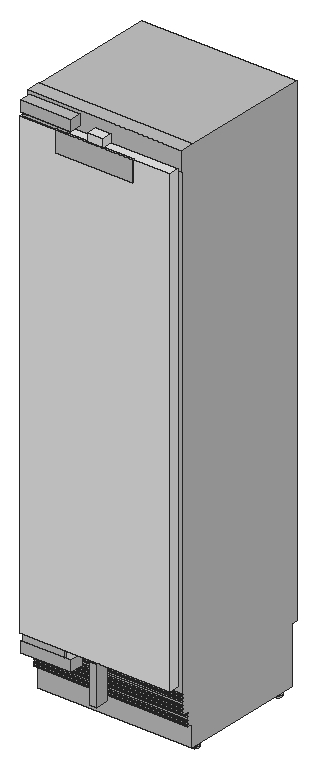
Revit family "FP-Revit20-en-RS6121FLJE1-Freezer-0-AS-AU-CN-EU-IE-NZ-SG-UK-90001096A", category Specialty Equipment, Revit 2020
Family settings
  Round Connector Dimension = Use Diameter
  Part Type = Normal
  OmniClass Number = 23.40.40.11.11
  OmniClass Title = Refrigerators and Freezers
  Work Plane-Based = No
  Always vertical = Yes
  Cut with Voids When Loaded = Yes
  Shared = No
  Room Calculation Point = No
Parameters (values of type "RS6121FLJE1")
  Visibility - Water Connection = no
  Visibility - Visibility Control Note = yes
  Visibility - Clearance Required = yes
  URL = "www.fisherpaykel.com"
  Stainless Steel Door Panels (RD6121L10D) = no
  Product - Width = 603 mm  # constant formula
  Product - Height = 2134 mm  # constant formula
  Product - Depth (exl front panel) = 610 mm  # constant formula
  Model = "RS6121FLJE1"
  Material - Handle = Fisher & Paykel - Aluminium
  Material - Door Structure = Fisher & Paykel - White
  Material - Door Front = Fisher & Paykel - Stainless Steel
  Material - Body = Fisher & Paykel - Grey
  Manufacturer = "Fisher & Paykel Appliances"
  Handle Style - Contemporary Square (AHD3-RD21) = no
  Handle Style - Contemporary Round (AHS-RD21) = no
  Description = "61cm Integrated Column Freezer, stainless steel interior"
  Default Elevation = 0 mm
  Connector Description - Water = "Water Supply not required"
  Connector Description - Electrical = "230 V, 10 amp fused electrical supply"
  Cavity - Width = 610 mm  # constant formula
  Cavity - Height = 2134 mm  # constant formula
  Cavity - Depth = 650 mm  # constant formula
Types (4, lengths in mm): name | Visibility - Water Connection | Model | Description | Connector Description - Water
  (no name) | no | "RS6121FLJE1" | "61cm Integrated Column Freezer, stainless steel interior" | "Water Supply not required"
  RS6121FLJK1 | yes | "RS6121FLJK1" | "61cm Integrated Column Freezer with internal ice maker, stainless steel interior" | "1/2 BSP Stainless steel braided hose"
  RS6121FLJE1 | no | "RS6121FLJE1" | "61cm Integrated Column Freezer, stainless steel interior" | "Water Supply not required"
  RS6121FLJ1 | yes | "RS6121FLJ1" | "61cm Integrated Column Freezer with internal ice maker, white interior" | "1/2 BSP Stainless steel braided hose"
Reference planes
  plane 1 "Datum": y = 0
  plane 2: z = 0
  plane 3 "Center (Left/Right)": x = 0
  plane 4 "Product LHS": x = -301.5
  plane 5 "Product RHS": x = 301.5
  plane 6 "Product - Depth": y = 610
  plane 7 "Cavity LHS": x = -305
  plane 8 "Cavity RHS": x = 305
  plane 9 "Cavity - Depth": y = 628
  plane 10 "Handle Offset": x = 238.5
  plane 11 "Product Height": z = 2134
  plane 12 "Cavity Height": z = 2134
  plane 13 "Door Panel Datum": y = -4.1
Forms (mm)
  Extrusion 1, solid, material "Fisher & Paykel - Grey" <- "Material - Body", detail levels fine
    sketch origin (0, 0, 0) x (0, 1, 0) y (0, 0, 1)
      loop
        line (100.1, 19.1) -> (587.9, 19.1) -> (587.9, 239.7) -> (610, 239.7) -> (610, 2131.9) -> (105.1, 2131.9) -> (105.1, 2134) -> (49.9, 2134) -> (49.9, 2059) -> (56, 2059) -> (56, 228.6) -> (59.5, 228.6) -> (59.5, 219.7) -> (56.5, 219.7) -> (56.5, 215.9) -> (59.5, 215.9) -> (59.5, 207) -> (56.5, 207) -> (56.5, 203.2) -> (59.5, 203.2) -> (59.5, 194.3) -> (56.5, 194.3) -> (56.5, 190.5) -> (59.5, 190.5) -> (59.5, 181.6) -> (56.5, 181.6) -> (56.5, 177.8) -> (59.5, 177.8) -> (59.5, 168.9) -> (56.5, 168.9) -> (56.5, 165.1) -> (59.5, 165.1) -> (59.5, 156.2) -> (56.5, 156.2) -> (56.5, 152.4) -> (84.1, 152.4) -> (84.1, 143.5) -> (81.1, 143.5) -> (81.1, 139.7) -> (84.1, 139.7) -> (84.1, 130.8) -> (81.1, 130.8) -> (81.1, 127) -> (84.1, 127) -> (84.1, 118.1) -> (81.1, 118.1) -> (81.1, 114.3) -> (84.1, 114.3) -> (84.1, 105.4) -> (81.1, 105.4) -> (81.1, 101.6) -> (100.1, 101.6) -> (100.1, 19.1)
    from -301.5 to 301.5
  Extrusion 2, solid, material "Fisher & Paykel - Grey" <- "Material - Body"
    sketch origin (0, 0, 0) x (1, 0, 0) y (0, 1, 0)
      loop
        circle (-281, 547.8) r 4.1
      loop
        circle (-281, 141.8) r 4.1
      loop
        circle (281, 547.8) r 4.1
      loop
        circle (281, 141.8) r 4.1
    from 3 to 19.1
  Extrusion 3, solid, material "Fisher & Paykel - Grey" <- "Material - Body"
    sketch origin (0, 0, 0) x (1, 0, 0) y (0, 1, 0)
      loop
        circle (-281, 547.8) r 14.5
      loop
        circle (-281, 141.8) r 14.555
      loop
        circle (281, 547.8) r 14.5
      loop
        circle (281, 141.8) r 14.555
    from 0 to 3
  Extrusion 4, solid, material "Fisher & Paykel - Grey" <- "Material - Body", detail levels fine
    sketch origin (0, 0, 0) x (1, 0, 0) y (0, 1, 0)
      loop
        line (-7.5, 49) -> (-13.797, -4.1) -> (13.797, -4.1) -> (7.5, 49) -> (-7.5, 49)
    from 104.2 to 254.2
  Extrusion 5, solid, material "Fisher & Paykel - Grey" <- "Material - Body", detail levels fine
    sketch origin (0, 0, 0) x (0, 1, 0) y (0, 0, 1)
      loop
        line (0, 2070.6) -> (0, 1988.6) -> (2, 1988.6) -> (2, 2068.6) -> (4, 2068.6) -> (4, 2070.6) -> (0, 2070.6)
    from -150 to 150
  Extrusion 6, solid, material "Fisher & Paykel - Grey" <- "Material - Body"
    sketch origin (0, 0, 0) x (1, 0, 0) y (0, 0, 1)
      loop
        circle (226.5, 119.813) r 5
      loop
        circle (-226.5, 119.813) r 5
    from -590 to -587.9
  Extrusion 7, solid, material "Fisher & Paykel - White" <- "Material - Door Structure"
    sketch origin (0, 0, 0) x (1, 0, 0) y (0, 1, 0)
      loop
        line (-276.5, 56) -> (-276.5, 42) -> (276.5, 42) -> (276.5, 56) -> (-276.5, 56)
    from 269.6 to 2030.7
  Extrusion 8, solid, material "Fisher & Paykel - White" <- "Material - Door Structure"
    sketch origin (0, 0, 0) x (1, 0, 0) y (0, 1, 0)
      loop
        line (-292.9, 42) -> (-292.9, 3) -> (292.9, 3) -> (292.9, 42) -> (-292.9, 42)
    from 254.2 to 2068.6
  Extrusion 9, solid, material "Fisher & Paykel - White" <- "Material - Door Structure", detail levels fine
    sketch origin (0, 0, 0) x (1, 0, 0) y (0, 0, 1)
      loop
        line (-29.5, 2100.1) -> (-29.5, 2068.6) -> (29.5, 2068.6) -> (29.5, 2100.1) -> (-29.5, 2100.1)
    from -42 to -3
  Extrusion 10, solid, material "Fisher & Paykel - Stainless Steel" <- "Material - Door Front", visible <- "Stainless Steel Door Panels (RD6121L10D)"
    sketch origin (0, 0, 0) x (0, 1, 0) y (0, 0, 1)
      loop
        line (-22.1, 2130.8) -> (-22.1, 102) -> (-4.1, 102) -> (-4.1, 2130.8) -> (-22.1, 2130.8)
    from -301.5 to 301.5
  Extrusion 11, solid, material "Fisher & Paykel - Grey" <- "Material - Body", detail levels coarse+medium
    sketch origin (0, 0, 0) x (0, 1, 0) y (0, 0, 1)
      loop
        line (49.9, 2134) -> (49.9, 2059) -> (56, 2059) -> (56, 152.4) -> (81.1, 152.4) -> (81.1, 101.6) -> (100.1, 101.6) -> (100.1, 19.1) -> (587.9, 19.1) -> (587.9, 239.7) -> (610, 239.7) -> (610, 2134) -> (49.9, 2134)
    from -301.5 to 301.5
  Extrusion 12, solid, material "Fisher & Paykel - Grey" <- "Material - Body", detail levels fine
    sketch origin (0, 0, 0) x (-1, 0, 0) y (0, 0, -1)
      loop
        line (289.9, -187.65) -> (95.42, -187.65) -> (95.42, -229.75) -> (289.9, -229.75) -> (289.9, -187.65)
    from -56 to -2.5
  Extrusion 13, solid, material "Fisher & Paykel - Grey" <- "Material - Body", detail levels fine
    sketch origin (0, 0, 0) x (-1, 0, 0) y (0, 0, -1)
      loop
        line (289.9, -2123.15) -> (289.9, -2081.05) -> (95.42, -2081.05) -> (95.42, -2123.15) -> (289.9, -2123.15)
    from -49 to -2.5
  Extrusion 14, solid, material "Fisher & Paykel - Grey" <- "Material - Body", detail levels fine
    sketch origin (0, 0, -4) x (0, 1, 0) y (0, 0, 1)
      loop
        arc (163.888, 23.1) -> (180.4, 13.63) -> (196.912, 23.1) r 19.13
        line (196.912, 23.1) -> (163.888, 23.1)
      loop
        arc (493.888, 23.1) -> (510.4, 13.63) -> (526.912, 23.1) r 19.13
        line (526.912, 23.1) -> (493.888, 23.1)
    from 191 to 219
  Extrusion 15, solid, material "Fisher & Paykel - Grey" <- "Material - Body", detail levels fine
    sketch origin (0, 0, -4) x (0, 1, 0) y (0, 0, -1)
      loop
        line (163.888, -23.1) -> (196.912, -23.1)
        arc (196.912, -23.1) -> (180.4, -13.63) -> (163.888, -23.1) r 19.13
      loop
        line (493.888, -23.1) -> (526.912, -23.1)
        arc (526.912, -23.1) -> (510.4, -13.63) -> (493.888, -23.1) r 19.13
    from 191 to 219
  Extrusion 16, solid, material "Fisher & Paykel - Clearance Required", visible <- "Visibility - Clearance Required", detail levels coarse
    sketch origin (0, 0, 0) x (1, 0, 0) y (0, 1, 0)
      loop
        line (-305, 628) -> (-305, -4.1) -> (305, -4.1) -> (305, 628) -> (-305, 628)
    from 0 to 2134
  Extrusion 17, void
    sketch origin (0, 0, 0) x (1, 0, 0) y (0, 1, 0)
      loop
        line (-305, 628) -> (-305, -22.1) -> (305, -22.1) -> (305, 628) -> (-305, 628)
    from 0 to 2134
  Extrusion 18, solid, material "Fisher & Paykel - Clearance Required", visible <- "Visibility - Clearance Required", detail levels coarse
    sketch origin (0, 0, 0) x (-1, 0, 0) y (0, -1, 0)
      loop
        line (-301.5, 22) -> (301.5, 22)
        arc (301.5, 22) -> (310.614, 38.517) -> (329.447, 39.615) r 19.524
        line (329.447, 39.615) -> (550.259, 513.224) -> (574.757, 501.803)
        arc (574.757, 501.803) -> (598.009, 510.266) -> (589.546, 533.517) r 17.497
        line (589.546, 533.517) -> (565.059, 544.952) -> (584.283, 586.12)
        arc (584.283, 586.12) -> (-13.379, 547.082) -> (-301.5, 22) r 622.524
    from 0 to 2134
  Extrusion 19, solid, material "Fisher & Paykel - Grey" <- "Material - Body", detail levels fine
    sketch origin (0, 0, 0) x (-1, 0, 0) y (0, 0, -1)
      loop
        line (118.4, -254.2) -> (282.9, -254.2) -> (282.9, -229.75) -> (118.4, -229.75) -> (118.4, -254.2)
      loop
        line (106, -2081.05) -> (242.9, -2081.05) -> (282.9, -2076.05) -> (282.9, -2068.6) -> (106, -2068.6) -> (106, -2081.05)
    from -7 to -4
Lines and regions (mm)
  model lines, style "Fisher & Paykel"
    curve 1: line (-301.5, -4.1, 2130.8) -> (301.5, -4.1, 2130.8)
    curve 2: line (-301.5, -4.1, 102) -> (-301.5, -4.1, 2130.8)
    curve 3: line (301.5, -4.1, 102) -> (-301.5, -4.1, 102)
    curve 4: line (301.5, -4.1, 2130.8) -> (301.5, -4.1, 102)
Text (mm)
  text "Due to ongoing product development, product details are subject to change without notice. \nPlease always refer to www.fisherpaykel.com for the most current product information. \n© Fisher & Paykel 2020" at (41.04, -678.295, 0), in view "Ref. Level (Plan)"
Dimensions and locks
  equal spacing: plane 4 "Product LHS", plane 3 "Center (Left/Right)", plane 5 "Product RHS"
  "Product - Width": plane 4 "Product LHS" to plane 5 "Product RHS"
  "Product - Depth (exl front panel)": plane 1 "Datum" to plane 6 "Product - Depth"
  equal spacing: plane 7 "Cavity LHS", plane 3 "Center (Left/Right)", plane 8 "Cavity RHS"
  "Cavity - Width": plane 7 "Cavity LHS" to plane 8 "Cavity RHS"
  plane 4 "Product LHS" to Extrusion 2 sketch curve = 24.6 mm
  plane 4 "Product LHS" to plane 10 "Handle Offset" = 540 mm
  Extrusion 6 sketch curve to Extrusion 1 = 119.887 mm  (x2)
  Extrusion 6 sketch curve to plane 5 "Product RHS" = 75 mm
  plane 4 "Product LHS" to Extrusion 6 sketch curve = 75 mm
  Extrusion 1 sketch curve to Extrusion 1 sketch curve = 82.5 mm
  Extrusion 1 sketch curve to Extrusion 1 sketch curve = 209.5 mm
  Extrusion 3 to level = 3 mm
  Extrusion 11 to Extrusion 8 = 235.1 mm
  Extrusion 11 to Extrusion 7 = 250.5 mm
  Extrusion 11 to Extrusion 11 = 2114.9 mm
  Extrusion 11 to Extrusion 10 = 82.9 mm
  "Product - Height": level to plane 11 "Product Height"
  plane 11 "Product Height" to Extrusion 10 = 3.2 mm
  Extrusion 8 to plane 11 "Product Height" = 65.4 mm
  Extrusion 7 to plane 11 "Product Height" = 103.3 mm
  Extrusion 11 sketch curve to plane 11 "Product Height" = 75 mm
  Extrusion 1 sketch curve to plane 11 "Product Height" = 2.1 mm
  Extrusion 1 sketch curve to plane 11 "Product Height" = 75 mm
  "Cavity - Height": plane 12 "Cavity Height" to level
  plane 1 "Datum" to Extrusion 16 = 628 mm
  plane 1 "Datum" to Extrusion 17 = 628 mm
  Extrusion 19 sketch curve to Extrusion 19 sketch curve = 40 mm
  Extrusion 19 sketch curve to Extrusion 19 sketch curve = 176.9 mm
  plane 3 "Center (Left/Right)" to Extrusion 19 sketch curve = 106 mm
  plane 3 "Center (Left/Right)" to Extrusion 19 sketch curve = 118.4 mm
  "Cavity - Depth": Extrusion 17 to Extrusion 18
  Extrusion 18 to plane 1 "Datum" = 22 mm
  radius of Extrusion 6 sketch curve = 5 mm
  aligned and locked: level to plane 2
  aligned and locked: Extrusion 10 to plane 5 "Product RHS"
  aligned and locked: plane 4 "Product LHS" to Extrusion 10
  aligned and locked: Extrusion 11 to plane 5 "Product RHS"
  aligned and locked: Extrusion 11 to plane 4 "Product LHS"
  aligned and locked: Extrusion 11 sketch curve to plane 11 "Product Height"
  aligned and locked: plane 11 "Product Height" to Extrusion 1 sketch curve
  aligned and locked: Extrusion 14 sketch curve to Extrusion 14 sketch curve
  aligned and locked: Extrusion 15 sketch curve to Extrusion 15 sketch curve
  aligned and locked: Extrusion 1 to plane 5 "Product RHS"
  aligned and locked: plane 4 "Product LHS" to Extrusion 1
  aligned and locked: Extrusion 2 to Extrusion 1
  aligned and locked: nested 3 to plane 10 "Handle Offset"
  aligned and locked: nested 2 to plane 10 "Handle Offset"
Automatic sketch dimensions
  Extrusion 2 sketch curve to plane 4 "Product LHS" = 20.5 mm  (x2)
  plane 5 "Product RHS" to Extrusion 2 sketch curve = 20.5 mm  (x2)
  Extrusion 2 sketch curve to plane 1 "Datum" = 141.8 mm  (x2)
  Extrusion 2 sketch curve to plane 6 "Product - Depth" = 62.2 mm  (x2)
  Extrusion 3 sketch curve to plane 4 "Product LHS" = 20.5 mm  (x2)
  plane 5 "Product RHS" to Extrusion 3 sketch curve = 20.5 mm  (x2)
  Extrusion 3 sketch curve to plane 1 "Datum" = 141.8 mm  (x2)
  Extrusion 3 sketch curve to plane 6 "Product - Depth" = 62.2 mm  (x2)
  plane 1 "Datum" to Extrusion 4 sketch curve = 4.1 mm
  Extrusion 4 sketch curve to plane 3 "Center (Left/Right)" = 13.797 mm
  Extrusion 4 sketch curve to plane 3 "Center (Left/Right)" = 7.5 mm
  plane 3 "Center (Left/Right)" to Extrusion 4 sketch curve = 7.5 mm
  plane 3 "Center (Left/Right)" to Extrusion 4 sketch curve = 13.797 mm
  Extrusion 4 sketch curve to plane 1 "Datum" = 49 mm
  Extrusion 5 sketch curve to plane 1 "Datum" = 0 mm
  Extrusion 5 sketch curve to plane 1 "Datum" = 2 mm
  Extrusion 5 sketch curve to Extrusion 5 sketch curve = 2 mm  (x2)
  plane 11 "Product Height" to Extrusion 5 sketch curve = 145.4 mm
  plane 11 "Product Height" to Extrusion 5 sketch curve = 65.4 mm
  Extrusion 7 sketch curve to plane 4 "Product LHS" = 25 mm
  plane 5 "Product RHS" to Extrusion 7 sketch curve = 25 mm
  Extrusion 7 sketch curve to plane 1 "Datum" = 42 mm
  Extrusion 7 sketch curve to Extrusion 7 sketch curve = 14 mm
  Extrusion 8 sketch curve to plane 1 "Datum" = 3 mm
  Extrusion 8 sketch curve to plane 4 "Product LHS" = 8.6 mm
  plane 5 "Product RHS" to Extrusion 8 sketch curve = 8.6 mm
  Extrusion 8 sketch curve to Extrusion 8 sketch curve = 39 mm
  Extrusion 9 sketch curve to plane 3 "Center (Left/Right)" = 29.5 mm
  plane 3 "Center (Left/Right)" to Extrusion 9 sketch curve = 29.5 mm
  plane 11 "Product Height" to Extrusion 9 sketch curve = 65.4 mm
  Extrusion 9 sketch curve to Extrusion 9 sketch curve = 31.5 mm
  plane 1 "Datum" to Extrusion 10 sketch curve = 22.1 mm
  plane 1 "Datum" to Extrusion 10 sketch curve = 4.1 mm
  level to Extrusion 10 sketch curve = 102 mm
  plane 11 "Product Height" to Extrusion 10 sketch curve = 3.2 mm
  plane 3 "Center (Left/Right)" to Extrusion 12 sketch curve = 95.42 mm
  plane 4 "Product LHS" to Extrusion 12 sketch curve = 11.6 mm
  Extrusion 12 sketch curve to level = 187.65 mm
  Extrusion 12 sketch curve to Extrusion 12 sketch curve = 42.1 mm
  Extrusion 13 sketch curve to plane 11 "Product Height" = 10.85 mm
  plane 3 "Center (Left/Right)" to Extrusion 13 sketch curve = 95.42 mm
  plane 4 "Product LHS" to Extrusion 13 sketch curve = 11.6 mm
  Extrusion 13 sketch curve to Extrusion 13 sketch curve = 42.1 mm
  Extrusion 14 sketch curve to plane 1 "Datum" = 163.888 mm
  Extrusion 14 sketch curve to Extrusion 14 sketch curve = 16.512 mm  (x2)
  Extrusion 14 sketch curve to plane 6 "Product - Depth" = 116.112 mm
  Extrusion 14 sketch curve to Extrusion 14 sketch curve = 9.66 mm  (x2)
  Extrusion 15 sketch curve to plane 1 "Datum" = 163.888 mm
  Extrusion 15 sketch curve to Extrusion 15 sketch curve = 16.512 mm  (x2)
  Extrusion 15 sketch curve to plane 6 "Product - Depth" = 116.112 mm
  Extrusion 15 sketch curve to Extrusion 15 sketch curve = 9.66 mm  (x2)
  Extrusion 16 sketch curve to plane 7 "Cavity LHS" = 0 mm
  Extrusion 16 sketch curve to plane 8 "Cavity RHS" = 0 mm
  Extrusion 16 sketch curve to plane 9 "Cavity - Depth" = 0 mm
  plane 1 "Datum" to Extrusion 16 sketch curve = 4.1 mm
  Extrusion 17 sketch curve to plane 7 "Cavity LHS" = 0 mm
  Extrusion 17 sketch curve to plane 8 "Cavity RHS" = 0 mm
  plane 9 "Cavity - Depth" to Extrusion 17 sketch curve = 0 mm
  plane 1 "Datum" to Extrusion 17 sketch curve = 22.1 mm
  Extrusion 18 sketch curve to Extrusion 18 sketch curve = 0.001 mm
  Extrusion 18 sketch curve to Extrusion 18 sketch curve = 0 mm
  Extrusion 18 sketch curve to plane 5 "Product RHS" = 0 mm
  Extrusion 18 sketch curve to plane 4 "Product LHS" = 0 mm
  Extrusion 18 sketch curve to plane 7 "Cavity LHS" = 16.024 mm
  Extrusion 18 sketch curve to Extrusion 18 sketch curve = 8.422 mm
  Extrusion 18 sketch curve to plane 7 "Cavity LHS" = 245.259 mm
  Extrusion 18 sketch curve to Extrusion 18 sketch curve = 14.8 mm
  Extrusion 18 sketch curve to Extrusion 18 sketch curve = 24.498 mm
  Extrusion 18 sketch curve to Extrusion 18 sketch curve = 7.394 mm  (x2)
  Extrusion 18 sketch curve to Extrusion 18 sketch curve = 19.224 mm
  Extrusion 18 sketch curve to plane 1 "Datum" = 586.12 mm
  Extrusion 18 sketch curve to Extrusion 18 sketch curve = 41.168 mm
  Extrusion 18 sketch curve to Extrusion 18 sketch curve = 15.857 mm
  Extrusion 19 sketch curve to plane 11 "Product Height" = 52.95 mm
  plane 4 "Product LHS" to Extrusion 19 sketch curve = 18.6 mm
  Extrusion 19 sketch curve to Extrusion 19 sketch curve = 5 mm
  Extrusion 19 sketch curve to Extrusion 19 sketch curve = 12.45 mm
  Extrusion 19 sketch curve to level = 254.2 mm
  Extrusion 19 sketch curve to Extrusion 19 sketch curve = 24.45 mm
  Extrusion 11 sketch curve to plane 6 "Product - Depth" = 0 mm
  Extrusion 11 sketch curve to plane 6 "Product - Depth" = 22.1 mm
  Extrusion 11 sketch curve to plane 1 "Datum" = 100.1 mm
  Extrusion 11 sketch curve to Extrusion 11 sketch curve = 19 mm
  Extrusion 11 sketch curve to plane 1 "Datum" = 56 mm
  Extrusion 11 sketch curve to plane 1 "Datum" = 49.9 mm
  level to Extrusion 11 sketch curve = 152.4 mm
  Extrusion 11 sketch curve to Extrusion 11 sketch curve = 50.8 mm
  level to Extrusion 11 sketch curve = 19.1 mm
  Extrusion 11 sketch curve to Extrusion 11 sketch curve = 220.6 mm
  level to Extrusion 14 sketch curve = 19.1 mm
  level to Extrusion 15 sketch curve = 28.76 mm
  Extrusion 1 sketch curve to plane 6 "Product - Depth" = 0 mm
  Extrusion 1 sketch curve to Extrusion 1 sketch curve = 22.1 mm
  Extrusion 1 sketch curve to plane 1 "Datum" = 105.1 mm
  level to Extrusion 1 sketch curve = 19.1 mm
  Extrusion 1 sketch curve to plane 1 "Datum" = 100.1 mm
  Extrusion 1 sketch curve to Extrusion 1 sketch curve = 16 mm
  Extrusion 1 sketch curve to Extrusion 1 sketch curve = 0 mm  (x8)
  Extrusion 1 sketch curve to Extrusion 1 sketch curve = 3 mm  (x10)
  Extrusion 1 sketch curve to plane 1 "Datum" = 59.5 mm
  Extrusion 1 sketch curve to plane 1 "Datum" = 56 mm
  Extrusion 1 sketch curve to plane 1 "Datum" = 49.9 mm
  Extrusion 1 sketch curve to Extrusion 1 sketch curve = 3.8 mm  (x10)
  Extrusion 1 sketch curve to Extrusion 1 sketch curve = 8.9 mm  (x9)
  Extrusion 1 sketch curve to Extrusion 1 sketch curve = 220.6 mm
  plane 5 "Product RHS" to curve 1 = 0 mm
  plane 4 "Product LHS" to curve 3 = 0 mm
  level to curve 3 = 102 mm
  plane 11 "Product Height" to curve 2 = 3.2 mm
  radius of Extrusion 2 sketch curve = 4.1 mm  (x3)
  radius of Extrusion 3 sketch curve = 14.5 mm  (x2)
  radius of Extrusion 3 sketch curve = 14.555 mm  (x2)
  radius of Extrusion 6 sketch curve = 5 mm
Nested families
  nested 1: "Visibility Control Note 18" at (0, 0, 0), visible <- "Visibility - Visibility Control Note", type "Visibility Control Note 18"
  nested 2: "Handle Contemporary Round - Vertical" at (238.5, -22.1, 1242.58), visible <- "Handle Style - Contemporary Round (AHS-RD21)", type "AHS-RD21 - Contemporary round handle (Vertical) 852mm"
  nested 3: "Handle Contemporary Square - Vertical" at (238.5, -22.1, 1242.58), visible <- "Handle Style - Contemporary Square (AHD3-RD21)", type "AHD3-RD21 - Contemporary square handle (Vertical) 852mm"
Connectors
  electrical at (-226.5, 590, 119.813), driven by "Connector Description - Electrical"
    settings: on Extrusion 6, index 1, voltage 230 V, apparent load 0 VA, apparent load phase1 0 VA, apparent load phase2 0 VA, apparent load phase3 0 VA, power factor 1, load classification "Other", number of poles 1, system type 30, power factor state 1, is connector primary yes, connector utility no, sub classification motor no, connector description "230 V, 10 amp fused electrical supply"
  piping at (226.5, 590, 119.813), diameter 12.7, driven by "Connector Description - Water", driven by "Visibility - Water Connection"
    settings: on Extrusion 6, index 2, connector inside diameter 609.6 mm, connector length 0 mm, flow factor 0, pipe flow 0.0 L/s, pressure drop 0.0 Pa, fitting loss kfactor 0, connector angle 0.00°, fixture units 0, engagement length 0 mm, angle of deflection 0.00°, flow configuration 0, flow direction 1, fitting loss method 0, system type 20, joint type 0, gender type 0, connector reference index -1, connector utility 0, adjustable connector no, is connector primary yes, connector description "Water Supply not required"
Definition of nested family "Handle Contemporary Round - Vertical"
  Parameters (values of type "AHSRS80A - Contemporary round handle (1 of 2) (Vertical) 727mm")
    URL = "www.fisherpaykel.com"
    Material - Handle = none
    Manufacturer = "Fisher & Paykel Appliances"
    Handle - Length = 727 mm
    Default Elevation = 0 mm
  Types (6, lengths in mm): name | Handle - Length
    AHS-RD21 - Contemporary round handle (Vertical) 852mm | 852
    AHSRD2484W - Contemporary round handle (1 of 2) (Vertical) 727mm | 727
    AHSRD3084W - Contemporary round handle (1 of 2) (Vertical) 727mm | 727
    AHS-RD84 - Contemporary round handle (Vertical) 852mm | 852
    AHSRS3272A - Contemporary round handle (1 of 2) (Vertical) 727mm | 727
    AHSRS80A - Contemporary round handle (1 of 2) (Vertical) 727mm | 727
  Reference planes
    plane 1 "Center (Front/Back)": y = 0
    plane 2: z = 0
    plane 3 "Center (Left/Right)": x = 0
    plane 4 "Top": z = 363.5
    plane 5 "Bottom": z = -363.5
    plane 6 "Top Standoff": z = 243.5
    plane 7 "Bottom Standoff": z = -243.5
  Forms (mm)
    Extrusion 1, solid, material <- "Material - Handle"
      sketch origin (0, 0, 0) x (1, 0, 0) y (0, 1, 0)
        loop
          circle (0, -32.3) r 8.7
      from -243.5 to 243.5
    Extrusion 2, solid, material <- "Material - Handle", detail levels fine
      sketch origin (0, 0, 0) x (1, 0, 0) y (0, 1, 0)
        loop
          line (-8.7, 0) -> (-8.7, -32.3)
          arc (-8.7, -32.3) -> (0, -41) -> (8.7, -32.3) r 8.7
          line (8.7, -32.3) -> (8.7, 0) -> (-8.7, 0)
      from 243.5 to 363.5
    Extrusion 3, solid, material <- "Material - Handle", detail levels fine
      sketch origin (0, 0, 0) x (1, 0, 0) y (0, 1, 0)
        loop
          line (-8.7, 0) -> (-8.7, -32.3)
          arc (-8.7, -32.3) -> (0, -41) -> (8.7, -32.3) r 8.7
          line (8.7, -32.3) -> (8.7, 0) -> (-8.7, 0)
      from -363.5 to -243.5
    Sweep 4, void
      path in 3D
        loop
          line (8.7, 0, -363.5) -> (8.7, -32.3, -363.5)
          arc (8.7, -32.3, -363.5) -> (0, -41, -363.5) -> (-8.7, -32.3, -363.5) r 8.7
          line (-8.7, -32.3, -363.5) -> (-8.7, 0, -363.5)
      profile origin (8.7, -16.15, -363.5) x (-1, 0, 0) y (0, 0, -1)
        loop
          line (0, 0) -> (0, -1) -> (1, 0) -> (0, 0)
    Sweep 5, void
      path in 3D
        loop
          line (-8.7, 0, 363.5) -> (-8.7, -32.3, 363.5)
          arc (-8.7, -32.3, 363.5) -> (0, -41, 363.5) -> (8.7, -32.3, 363.5) r 8.7
          line (8.7, -32.3, 363.5) -> (8.7, 0, 363.5)
      profile origin (8.7, -16.15, 363.5) x (-1, 0, 0) y (0, 0, 1)
        loop
          line (0, 0) -> (0, -1) -> (1, 0) -> (0, 0)
    Extrusion 6, solid, material <- "Material - Handle", detail levels coarse+medium
      sketch origin (0, 0, 0) x (1, 0, 0) y (0, 1, 0)
        loop
          line (-8.7, 0) -> (-8.7, -32.3)
          arc (-8.7, -32.3) -> (0, -41) -> (8.7, -32.3) r 8.7
          line (8.7, -32.3) -> (8.7, 0) -> (-8.7, 0)
      from 243.5 to 363.5
    Extrusion 7, solid, material <- "Material - Handle", detail levels coarse+medium
      sketch origin (0, 0, 0) x (1, 0, 0) y (0, 1, 0)
        loop
          line (-8.7, 0) -> (-8.7, -32.3)
          arc (-8.7, -32.3) -> (0, -41) -> (8.7, -32.3) r 8.7
          line (8.7, -32.3) -> (8.7, 0) -> (-8.7, 0)
      from -363.5 to -243.5
  Cuts and joins
    Sweep 4 cuts Extrusion 3
    Sweep 5 cuts Extrusion 2
  Lines and regions (mm)
    sketch lines
      curve 1: line (8.7, 0, -363.5) -> (8.7, -32.3, -363.5)
      curve 2: arc (-8.7, -32.3, -363.5) -> (0, -41, -363.5) -> (8.7, -32.3, -363.5) r 8.7
      curve 3: line (-8.7, -32.3, -363.5) -> (-8.7, 0, -363.5)
      curve 4: line (8.7, -32.3, 363.5) -> (8.7, 0, 363.5)
      curve 5: arc (8.7, -32.3, 363.5) -> (0, -41, 363.5) -> (-8.7, -32.3, 363.5) r 8.7
      curve 6: line (-8.7, 0, 363.5) -> (-8.7, -32.3, 363.5)
  Dimensions and locks
    equal spacing: plane 4 "Top", level, plane 5 "Bottom"
    "Handle - Length": plane 4 "Top" to plane 5 "Bottom"
    locked: plane 4 "Top" to plane 6 "Top Standoff" at 120
    locked: plane 7 "Bottom Standoff" to plane 5 "Bottom" at 120
    Extrusion 2 sketch curve to Extrusion 2 sketch curve = 17.4 mm
    Extrusion 3 sketch curve to Extrusion 3 sketch curve = 17.4 mm
    Extrusion 6 sketch curve to Extrusion 6 sketch curve = 17.4 mm
    Extrusion 7 sketch curve to Extrusion 7 sketch curve = 17.4 mm
    aligned and locked: level to plane 2
    aligned and locked: plane 4 "Top" to Extrusion 2
    aligned and locked: Extrusion 3 to plane 5 "Bottom"
    aligned and locked: plane 7 "Bottom Standoff" to Extrusion 3
    aligned and locked: Extrusion 1 to plane 7 "Bottom Standoff"
    aligned and locked: plane 6 "Top Standoff" to Extrusion 1
    aligned and locked: Extrusion 2 to Extrusion 1
    aligned and locked: Extrusion 6 to Extrusion 1
    aligned and locked: plane 4 "Top" to Extrusion 6
    aligned and locked: Extrusion 7 to Extrusion 1
    aligned and locked: Extrusion 7 to plane 5 "Bottom"
  Automatic sketch dimensions
    Extrusion 1 sketch curve to plane 3 "Center (Left/Right)" = 0 mm
    plane 1 "Center (Front/Back)" to Extrusion 1 sketch curve = 32.3 mm
    plane 1 "Center (Front/Back)" to Extrusion 2 sketch curve = 0 mm
    Extrusion 2 sketch curve to plane 3 "Center (Left/Right)" = 0 mm
    Extrusion 2 sketch curve to plane 3 "Center (Left/Right)" = 8.7 mm
    plane 1 "Center (Front/Back)" to Extrusion 2 sketch curve = 32.3 mm
    plane 1 "Center (Front/Back)" to Extrusion 3 sketch curve = 0 mm
    Extrusion 3 sketch curve to plane 3 "Center (Left/Right)" = 0 mm
    Extrusion 3 sketch curve to plane 3 "Center (Left/Right)" = 8.7 mm
    plane 1 "Center (Front/Back)" to Extrusion 3 sketch curve = 32.3 mm
    Sweep 4 sketch curve to profile plane = 0 mm  (x2)
    Sweep 4 sketch curve to profile plane = 1 mm  (x2)
    Sweep 5 sketch curve to profile plane = 0 mm  (x2)
    Sweep 5 sketch curve to profile plane = 1 mm  (x2)
    Extrusion 6 sketch curve to plane 3 "Center (Left/Right)" = 0 mm
    Extrusion 6 sketch curve to plane 3 "Center (Left/Right)" = 8.7 mm
    plane 1 "Center (Front/Back)" to Extrusion 6 sketch curve = 32.3 mm
    Extrusion 6 sketch curve to Extrusion 6 sketch curve = 32.3 mm
    Extrusion 7 sketch curve to plane 3 "Center (Left/Right)" = 0 mm
    Extrusion 7 sketch curve to plane 3 "Center (Left/Right)" = 8.7 mm
    plane 1 "Center (Front/Back)" to Extrusion 7 sketch curve = 32.3 mm
    Extrusion 7 sketch curve to Extrusion 7 sketch curve = 32.3 mm
    radius of Extrusion 1 sketch curve = 8.7 mm
Definition of nested family "Handle Contemporary Square - Vertical"
  Parameters (values of type "AHD3RS80A - Contemporary square handle (1 of 2) (Vertical) 727mm")
    URL = "www.fisherpaykel.com"
    Material - Handle = none
    Manufacturer = "Fisher & Paykel Appliances"
    Handle - Length = 727 mm
    Default Elevation = 0 mm
  Types (7, lengths in mm): name | Handle - Length
    (no name) | 727
    AHD3-RD21 - Contemporary square handle (Vertical) 852mm | 852
    AHD3RD2484W - Contemporary square handle (1 of 2) (Vertical) 727mm | 727
    AHD3RD3084W - Contemporary square handle (1 of 2) (Vertical) 727mm | 727
    AHD3-RD84 - Contemporary square handle (Vertical) 852mm | 852
    AHD3RS3272A - Contemporary square handle (1 of 2) (Vertical) 727mm | 727
    AHD3RS80A - Contemporary square handle (1 of 2) (Vertical) 727mm | 727
  Reference planes
    plane 1 "Center (Front/Back)": y = 0
    plane 2: z = 0
    plane 3 "Center (Left/Right)": x = 0
    plane 4 "Top": z = 363.5
    plane 5 "Bottom": z = -363.5
    plane 6 "Top Standoff": z = 243.5
    plane 7 "Bottom Standoff": z = -243.5
  Forms (mm)
    Extrusion 1, solid, material <- "Material - Handle", detail levels fine
      sketch origin (0, 0, 0) x (1, 0, 0) y (0, 1, 0)
        loop
          arc (-7.583, -28.701) -> (-7.89, -29.057) -> (-8, -29.514) r 1
          line (-8, -29.514) -> (-8, -40.5)
          arc (-8, -40.5) -> (-7.561, -41.561) -> (-6.5, -42) r 1.5
          line (-6.5, -42) -> (6.5, -42)
          arc (6.5, -42) -> (7.561, -41.561) -> (8, -40.5) r 1.5
          line (8, -40.5) -> (8, -29.487)
          arc (8, -29.487) -> (7.889, -29.029) -> (7.58, -28.673) r 1
          arc (7.58, -28.673) -> (-0.006, -26.256) -> (-7.583, -28.701) r 13.038
      from -363.5 to 363.5
    Extrusion 2, solid, material <- "Material - Handle", detail levels fine
      sketch origin (0, 0, 0) x (1, 0, 0) y (0, 1, 0)
        loop
          arc (7.058, -28.23) -> (7.466, -28.244) -> (7.674, -27.893) r 0.4
          line (7.674, -27.893) -> (7.674, 0) -> (-7.674, 0) -> (-7.674, -27.86)
          arc (-7.674, -27.86) -> (-7.467, -28.21) -> (-7.06, -28.198) r 0.4
          arc (-7.06, -28.198) -> (0.004, -26.156) -> (7.058, -28.23) r 13.136
      from 243.5 to 363.5
    Extrusion 3, solid, material <- "Material - Handle", detail levels fine
      sketch origin (0, 0, 0) x (1, 0, 0) y (0, 1, 0)
        loop
          arc (7.058, -28.23) -> (7.466, -28.244) -> (7.674, -27.893) r 0.4
          line (7.674, -27.893) -> (7.674, 0) -> (-7.674, 0) -> (-7.674, -27.86)
          arc (-7.674, -27.86) -> (-7.467, -28.21) -> (-7.06, -28.198) r 0.4
          arc (-7.06, -28.198) -> (0.004, -26.156) -> (7.058, -28.23) r 13.136
      from -363.5 to -243.5
    Sweep 4, void
      path in 3D
        loop
          line (-8, -29.514, 363.5) -> (-8, -40.5, 363.5)
          arc (-8, -40.5, 363.5) -> (-7.561, -41.561, 363.5) -> (-6.5, -42, 363.5) r 1.5
          line (-6.5, -42, 363.5) -> (6.5, -42, 363.5)
          arc (6.5, -42, 363.5) -> (7.561, -41.561, 363.5) -> (8, -40.5, 363.5) r 1.5
          line (8, -40.5, 363.5) -> (8, -29.487, 363.5)
      profile origin (8, -34.994, 363.5) x (-1, 0, 0) y (0, 0, 1)
        loop
          line (0, 0) -> (0, -1.3) -> (1.3, 0) -> (0, 0)
    Sweep 5, void
      path in 3D
        loop
          line (8, -29.487, -363.5) -> (8, -40.5, -363.5)
          arc (8, -40.5, -363.5) -> (7.561, -41.561, -363.5) -> (6.5, -42, -363.5) r 1.5
          line (6.5, -42, -363.5) -> (-6.5, -42, -363.5)
          arc (-6.5, -42, -363.5) -> (-7.561, -41.561, -363.5) -> (-8, -40.5, -363.5) r 1.5
          line (-8, -40.5, -363.5) -> (-8, -29.514, -363.5)
      profile origin (8, -34.994, -363.5) x (-1, 0, 0) y (0, 0, -1)
        loop
          line (0, 0) -> (0, -1.3) -> (1.3, 0) -> (0, 0)
    Extrusion 6, void
      sketch origin (0, 0, 0) x (1, 0, 0) y (0, 0, 1)
        loop
          line (-8, -362.2) -> (-8, -363.5) -> (-6.7, -363.5) -> (-8, -362.2)
        loop
          line (8, -362.2) -> (6.7, -363.5) -> (8, -363.5) -> (8, -362.2)
      from 0 to 40
    Extrusion 7, void
      sketch origin (0, 0, 0) x (1, 0, 0) y (0, 0, 1)
        loop
          line (-8, 363.5) -> (-8, 362.2) -> (-6.7, 363.5) -> (-8, 363.5)
        loop
          line (8, 363.5) -> (6.7, 363.5) -> (8, 362.2) -> (8, 363.5)
      from 0 to 40
    Extrusion 8, solid, material <- "Material - Handle", detail levels coarse+medium
      sketch origin (0, 0, 0) x (0, 1, 0) y (0, 0, 1)
        loop
          line (0, 363.5) -> (-42, 363.5) -> (-42, -363.5) -> (0, -363.5) -> (0, -243.5) -> (-26.245, -243.5) -> (-26.245, 243.5) -> (0, 243.5) -> (0, 363.5)
      from -8 to 8
  Cuts and joins
    Sweep 4, Sweep 5, Extrusion 6, Extrusion 7 cuts Extrusion 1
    Extrusion 6 cuts Extrusion 3
    Extrusion 7 cuts Extrusion 2
  Lines and regions (mm)
    sketch lines
      curve 1: line (8, -40.5, 363.5) -> (8, -29.487, 363.5)
      curve 2: arc (8, -40.5, 363.5) -> (7.561, -41.561, 363.5) -> (6.5, -42, 363.5) r 1.5
      curve 3: line (-6.5, -42, 363.5) -> (6.5, -42, 363.5)
      curve 4: arc (-6.5, -42, 363.5) -> (-7.561, -41.561, 363.5) -> (-8, -40.5, 363.5) r 1.5
      curve 5: line (-8, -29.514, 363.5) -> (-8, -40.5, 363.5)
      curve 6: line (8, -29.487, -363.5) -> (8, -40.5, -363.5)
      curve 7: arc (6.5, -42, -363.5) -> (7.561, -41.561, -363.5) -> (8, -40.5, -363.5) r 1.5
      curve 8: line (6.5, -42, -363.5) -> (-6.5, -42, -363.5)
      curve 9: arc (-8, -40.5, -363.5) -> (-7.561, -41.561, -363.5) -> (-6.5, -42, -363.5) r 1.5
      curve 10: line (-8, -40.5, -363.5) -> (-8, -29.514, -363.5)
  Dimensions and locks
    equal spacing: plane 4 "Top", level, plane 5 "Bottom"
    "Handle - Length": plane 4 "Top" to plane 5 "Bottom"
    locked: plane 4 "Top" to plane 6 "Top Standoff" at 120
    locked: plane 7 "Bottom Standoff" to plane 5 "Bottom" at 120
    aligned and locked: level to plane 2
    aligned and locked: plane 4 "Top" to Extrusion 2
    aligned and locked: Extrusion 2 to plane 6 "Top Standoff"
    aligned and locked: plane 4 "Top" to Extrusion 1
    aligned and locked: Extrusion 1 to plane 5 "Bottom"
    aligned and locked: Extrusion 3 to plane 5 "Bottom"
    aligned and locked: plane 7 "Bottom Standoff" to Extrusion 3
    aligned and locked: plane 4 "Top" to Extrusion 8 sketch curve
    aligned and locked: plane 6 "Top Standoff" to Extrusion 8 sketch curve
    aligned and locked: plane 7 "Bottom Standoff" to Extrusion 8 sketch curve
    aligned and locked: plane 5 "Bottom" to Extrusion 8 sketch curve
    aligned and locked: plane 1 "Center (Front/Back)" to Extrusion 8 sketch curve  (x2)
  Automatic sketch dimensions
    Extrusion 1 sketch curve to plane 3 "Center (Left/Right)" = 8 mm
    Extrusion 1 sketch curve to Extrusion 1 sketch curve = 1 mm  (x2)
    Extrusion 1 sketch curve to Extrusion 1 sketch curve = 1.5 mm
    plane 3 "Center (Left/Right)" to Extrusion 1 sketch curve = 0.018 mm
    plane 3 "Center (Left/Right)" to Extrusion 1 sketch curve = 6.5 mm
    plane 3 "Center (Left/Right)" to Extrusion 1 sketch curve = 7 mm
    plane 1 "Center (Front/Back)" to Extrusion 1 sketch curve = 42 mm
    Extrusion 1 sketch curve to Extrusion 1 sketch curve = 1.206 mm
    Extrusion 1 sketch curve to Extrusion 1 sketch curve = 10.986 mm
    Extrusion 1 sketch curve to Extrusion 1 sketch curve = 11.013 mm
    Extrusion 1 sketch curve to Extrusion 1 sketch curve = 0 mm
    plane 1 "Center (Front/Back)" to Extrusion 2 sketch curve = 0 mm
    Extrusion 2 sketch curve to plane 3 "Center (Left/Right)" = 7.674 mm
    Extrusion 2 sketch curve to Extrusion 2 sketch curve = 0.4 mm  (x2)
    Extrusion 2 sketch curve to plane 3 "Center (Left/Right)" = 0.026 mm
    plane 3 "Center (Left/Right)" to Extrusion 2 sketch curve = 7.274 mm
    plane 1 "Center (Front/Back)" to Extrusion 2 sketch curve = 27.86 mm
    Extrusion 2 sketch curve to Extrusion 2 sketch curve = 0.033 mm
    Extrusion 2 sketch curve to Extrusion 2 sketch curve = 11.398 mm
    Extrusion 2 sketch curve to Extrusion 2 sketch curve = 0 mm
    plane 1 "Center (Front/Back)" to Extrusion 3 sketch curve = 0 mm
    Extrusion 3 sketch curve to Extrusion 3 sketch curve = 0.4 mm  (x2)
    Extrusion 3 sketch curve to Extrusion 3 sketch curve = 7.248 mm
    Extrusion 3 sketch curve to Extrusion 3 sketch curve = 7.3 mm
    plane 1 "Center (Front/Back)" to Extrusion 3 sketch curve = 27.86 mm
    Extrusion 3 sketch curve to Extrusion 3 sketch curve = 0.033 mm
    Extrusion 3 sketch curve to Extrusion 3 sketch curve = 11.398 mm
    Extrusion 3 sketch curve to Extrusion 3 sketch curve = 0 mm
    Sweep 4 sketch curve to profile plane = 0 mm  (x2)
    Sweep 4 sketch curve to profile plane = 1.3 mm  (x2)
    Sweep 5 sketch curve to profile plane = 0 mm  (x2)
    Sweep 5 sketch curve to profile plane = 1.3 mm  (x2)
    Extrusion 6 sketch curve to plane 5 "Bottom" = 0 mm  (x2)
    plane 5 "Bottom" to Extrusion 6 sketch curve = 1.3 mm  (x2)
    Extrusion 6 sketch curve to plane 3 "Center (Left/Right)" = 8 mm
    Extrusion 6 sketch curve to Extrusion 6 sketch curve = 1.3 mm  (x2)
    plane 3 "Center (Left/Right)" to Extrusion 6 sketch curve = 8 mm
    Extrusion 7 sketch curve to plane 4 "Top" = 0 mm  (x2)
    Extrusion 7 sketch curve to plane 3 "Center (Left/Right)" = 8 mm
    Extrusion 7 sketch curve to Extrusion 7 sketch curve = 1.3 mm  (x2)
    plane 3 "Center (Left/Right)" to Extrusion 7 sketch curve = 8 mm
    Extrusion 7 sketch curve to plane 4 "Top" = 1.3 mm  (x2)
    plane 1 "Center (Front/Back)" to Extrusion 8 sketch curve = 26.245 mm
    plane 1 "Center (Front/Back)" to Extrusion 8 sketch curve = 42 mm
    Extrusion 3 sketch curve to plane 3 "Center (Left/Right)" = 7.674 mm
Definition of nested family "Visibility Control Note 18"
  Types (3): name
    New
    Resolved
    Active
  Reference planes
    plane 1: y = 0
    plane 2: x = 0
  Text (mm)
    text "Edit Type: \nTo control handle kit \nand door panel visibility\n options\n\nDelete unwanted kits \nto reduce file size" at (-0.165, 35.556, 0)
